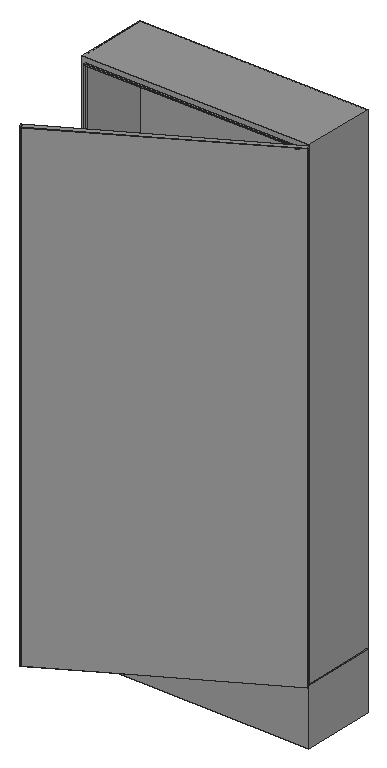
Revit family "Hager-Univers-IP55-D275-H1900-Cl.I-Steel_encl-NoHosted-SE-en", category Equipement électrique, Revit 2020
Family settings
  Configuration du panneau = Deux colonnes, circuits au sein
  Cote de connecteur circulaire = Utiliser le diamètre
  Type d'élément = Tableau de raccordement
  Basée sur le plan de construction = Oui
  Toujours verticalement = Oui
  Couper avec des vides une fois chargée = Non
  Partagée = Non
  Point de calcul de pièce = Non
Parameters (values of type "Floor installation IP55 W800 H1900 D275  - FR13E2")
  Width Control [instance] = if([EF000008 - Width] > Min Width, [EF000008 - Width], Min Width)  # 800 mm
  Commentaires du type = [HG000003 - Range]  # "Univers"
  Thickness Door [instance] = if([EF009171 - Material plate thickness door/cover] > 3 mm, 3 mm, [EF009171 - Material plate thickness door/cover])  # 1.5 mm
  Seal Frame Offset [instance] = 17 mm  # constant formula
  Plinth Visibility [instance] = [HG000027 - Plinth height] > 0 mm  # yes
  Min Width [instance] = 100 mm  # constant formula
  Min Depth [instance] = (2 * [EF009170 - Material plate thickness cabinet]) + 1 mm  # 4 mm
  Min Height [instance] = 100 mm  # constant formula
  Internal Frame Depth [instance] = (Door System Depth * 0.5)  # 9 mm
  Panel Name [instance] = ""  # (empty or 0)
  Model = ""
  HG000027 - Plinth height = 200 mm
  HG000026 - Floor standing = yes
  HG000024 - Bottom section height = 600 mm
  HG000023 - Double section enclosure = no
  HG000016 - Door 3d visibility [instance] = yes
  HG000015 - Clearance visibility [instance] = no
  HG000014 - Door on the right [instance] = yes
  HG000013 - Door on the left [instance] = not([HG000014 - Door on the right])  # no
  HG000012 - Door swing angle [instance] = 30.00°
  HG000010 - Asymmetric doors = no
  HG000009 - Double swing door = no
  HG000006 - Flush mounted = no
  HG000004 - Manufacturer reference = "FR13E2"
  HG000003 - Range = "Univers"
  HG000002 - With door or cover = yes
  Frame Offset Bottom [instance] = 10 mm  # constant formula
  Frame Offset [instance] = 15 mm  # constant formula
  EF015940 - Cover with overpressure release = no
  EF011959 - Degree of protection (NEMA) = ""
  EF009554 - Number of openings for flange plates = 6
  EF009212 - Cover model = "EV000116 - Closed"
  EF009171 - Material plate thickness door/cover = 1.5 mm
  EF009170 - Material plate thickness cabinet = 1.5 mm
  EF008873 - Nominal current (In) = 800 A
  EF007800 - Suitable for lightning protection = no
  EF006306 - With lock = no
  EF006244 - Transparent cover/door = no
  EF005474 - Degree of protection (IP) = "EV006420 - IP55"
  EF004464 - Type of door = "EV002646 - Single"
  EF004427 - Number of modules = 396
  EF004293 - Impact strength = "EV008784 - IK10"
  EF003532 - Suitable for outdoor use = no
  EF002950 - Width in number of modular spacings = 24
  EF001613 - Circuit integrity = "EV000494 - None"
  EF001596 - Material housing = "EV000179 - Steel"
  EF001131 - Internal depth = 275 mm
  EF001088 - Extension possible = yes
  EF000437 - Number of conduit inlets = 6
  EF000339 - Type of cover = "EV004216 - Door"
  EF000266 - Number of rows = 11
  EF000218 - Built-in depth = 0 mm
  EF000118 - With mounting plate = no
  EF000116 - RAL-number = "7035"
  EF000049 - Depth = 275 mm
  EF000040 - Height = 1900 mm
  EF000008 - Width = 800 mm
  EF000007 - Colour = "EV000270 - Grey"
  EF000003 - Mounting method = "EV012274 - Floor installation"
  Door System Leaf Tolerance [instance] = 1.5 mm  # constant formula
  Door System Depth [instance] = 18 mm  # constant formula
  Door Height [instance] = Height Control - [HG000027 - Plinth height]  # 1700 mm
  Description = ""
  Default Elevation = 1219.2 mm
  Connector Offset [instance] = Height Control / 2  # 950 mm
  Fabricant = "Hager"  # constant formula
  Height Control [instance] = if([EF000040 - Height] > Min Height, [EF000040 - Height], Min Height)  # 1900 mm
  Depth Control [instance] = if([EF000049 - Depth] > Min Depth, [EF000049 - Depth], Min Depth)  # 275 mm
  Bottom Top Plate Trim [instance] = 1.5 mm  # constant formula
  Plinth height Ctrl [instance] = if([HG000027 - Plinth height] > 0 mm, [HG000027 - Plinth height], 12 mm)  # 200 mm
Types (5, lengths in mm): name | Width Control | HG000010 - Asymmetric doors | HG000009 - Double swing door | HG000004 - Manufacturer reference | EF009554 - Number of openings for flange plates | EF004464 - Type of door | EF004427 - Number of modules | EF000437 - Number of conduit inlets | EF000008 - Width
  Floor installation IP55 W1050 H1900 D275  - FR14E2 | 1050 | yes | yes | "FR14E2" | 8 | "EV003602 - Double" | 528 | 8 | 1050
  Floor installation IP55 W1300 H1900 D275  - FR15E2 | 1300 | yes | yes | "FR15E2" | 10 | "EV003602 - Double" | 660 | 10 | 1300
  Floor installation IP55 W300 H1900 D275  - FR11E2 | 300 | no | no | "FR11E2" | 2 | "EV002646 - Single" | 132 | 2 | 300
  Floor installation IP55 W550 H1900 D275  - FR12E2 | 550 | no | no | "FR12E2" | 4 | "EV002646 - Single" | 264 | 4 | 550
  Floor installation IP55 W800 H1900 D275  - FR13E2 | 800 | no | no | "FR13E2" | 6 | "EV002646 - Single" | 396 | 6 | 800
Reference planes
  plane 1 "Center (Front/Back)": y = 0
  plane 2: z = 0
  plane 3 "Center (Left/Right)": x = 0
  plane 4: y = 0
  plane 5: y = 0
  plane 6: z = 0
  plane 7: x = -400
  plane 8: x = 400
  plane 9: x = 398.5
  plane 10: x = -398.5
  plane 11: z = 200
  plane 12: z = 201.5
  plane 13: y = -275
  plane 14: y = -1.5
  plane 15: x = 0
  plane 16: y = -257
  plane 17: y = -273.5
  plane 18: y = -255.5
  plane 19: x = -383.5
  plane 20: x = 383.5
  plane 21: z = 211.5
  plane 22: x = -383
  plane 23: x = 383
  plane 24: z = 200
  plane 25: z = 1900
  plane 26: z = 1900
  plane 27: z = 1883.5
  plane 28: z = 1898.5
Forms (mm)
  Extrusion 1, solid, material "Hager_Steel_RAL7035_Light_Grey", detail levels medium+fine
    sketch origin (-208.679, -4572, 200) x (-1, 0, 0) y (0, -1, 0)
      loop
        line (191.321, -4315) -> (-608.679, -4315) -> (-608.679, -4572) -> (191.321, -4572) -> (191.321, -4315)
    from 0 to 1700
  Extrusion 2, void
    sketch origin (-350.771, -275, 1219.2) x (1, 0, 0) y (0, 0, 1)
      loop
        line (-47.729, 679.3) -> (-47.729, -1017.7) -> (749.271, -1017.7) -> (749.271, 679.3) -> (-47.729, 679.3)
    from -19.5 to -273.5
  Extrusion 3, void
    sketch origin (-290.084, -257, 1219.2) x (1, 0, 0) y (0, 0, 1)
      loop
        line (-93.416, -1007.7) -> (673.584, -1007.7) -> (673.584, 664.3) -> (-93.416, 664.3) -> (-93.416, -1007.7)
    from 0 to -1.5
  Extrusion 4, solid, material "Hager_Steel_RAL7035_Light_Grey", visible <- "Plinth Visibility", detail levels medium+fine
    sketch origin (0, 0, 0) x (1, 0, 0) y (0, 1, 0)
      loop
        line (-400, 0) -> (-400, -257) -> (400, -257) -> (400, 0) -> (-400, 0)
    from 0 to 200 <- "Plinth height Ctrl"
  Extrusion 5, solid, material "Hager_Steel_RAL7035_Light_Grey", detail levels coarse
    sketch origin (0, 0, 0) x (1, 0, 0) y (0, 1, 0)
      loop
        line (-400, 0) -> (-400, -275) -> (400, -275) -> (400, 0) -> (-400, 0)
    from 0 to 1900 <- "Height Control"
  Sweep 6, void
    path in 3D
      loop
        line (-400, -257, 200) -> (400, -257, 200) -> (400, 0, 200) -> (-400, 0, 200) -> (-400, -257, 200)
    profile origin (-400, -128.5, 200) x (1, 0, 0) y (0, 0, 1)
      loop
        line (0, 0) -> (0, -1.5) -> (1.5, -1.5)
        arc (1.5, -1.5) -> (1.061, -0.439) -> (0, 0) r 1.5
  Extrusion 7, solid, material "Hager_Steel_RAL7035_Light_Grey", detail levels fine
    sketch origin (-400, -257, 200) x (1, 0, 0) y (0, 0, 1)
      loop
        line (16.5, 11.5) -> (783.5, 11.5) -> (783.5, 1683.5) -> (16.5, 1683.5) -> (16.5, 11.5)
      loop
        line (15, 10) -> (785, 10) -> (785, 1685) -> (15, 1685) -> (15, 10)
    from 0 to 9 <- "Internal Frame Depth"
Cuts and joins
  Extrusion 2, Extrusion 3 cuts Extrusion 1
  Sweep 6 cuts Extrusion 4
Lines and regions (mm)
  Masking region 1
    outline origin (0, 0, 0) x (1, 0, 0) y (0, 1, 0)
      loop
        line (-400, 0) -> (-400, -275) -> (400, -275) -> (400, 0) -> (-400, 0)
  Masking region 2, detail levels coarse
    outline origin (-290.084, -257, 1219.2) x (-1, 0, 0) y (0, 0, 1)
      loop
        line (-690.084, -1219.2) -> (109.916, -1219.2) -> (109.916, 680.8) -> (-690.084, 680.8) -> (-690.084, -1219.2)
  Masking region 3, detail levels coarse
    outline origin (0, 0, 0) x (0, 1, 0) y (0, 0, 1)
      loop
        line (0, 0) -> (0, 1900) -> (-275, 1900) -> (-275, 0) -> (0, 0)
  Masking region 4, visible <- "Plinth Visibility", detail levels medium+fine
    outline origin (0, 0, 0) x (0, 1, 0) y (0, 0, 1)
      loop
        line (-1.5, 200) -> (-255.5, 200)
        arc (-255.5, 200) -> (-255.939, 198.939) -> (-257, 198.5) r 1.5
        line (-257, 198.5) -> (-257, 0) -> (0, 0) -> (0, 198.5)
        arc (0, 198.5) -> (-1.061, 198.939) -> (-1.5, 200) r 1.5
  Masking region 5, detail levels medium+fine
    outline origin (0, 0, 594.038) x (0, 1, 0) y (0, 0, 1)
      loop
        line (0, -394.038) -> (0, 1305.962) -> (-257, 1305.962) -> (-257, -394.038) -> (0, -394.038)
  Masking region 6, detail levels medium+fine
    outline origin (-359.7, -257, 1211.883) x (-1, 0, 0) y (0, 0, 1)
      loop
        line (-759.7, -1011.883) -> (40.3, -1011.883) -> (40.3, 688.117) -> (-759.7, 688.117) -> (-759.7, -1011.883)
  Masking region 7, visible <- "Plinth Visibility", detail levels medium+fine
    outline origin (-320.334, -257, 1041.368) x (-1, 0, 0) y (0, 0, 1)
      loop
        line (-720.334, -1041.368) -> (79.666, -1041.368) -> (79.666, -842.868)
        arc (79.666, -842.868) -> (78.606, -842.429) -> (78.166, -841.368) r 1.5
        line (78.166, -841.368) -> (-718.834, -841.368)
        arc (-718.834, -841.368) -> (-719.273, -842.429) -> (-720.334, -842.868) r 1.5
        line (-720.334, -842.868) -> (-720.334, -1041.368)
  sketch lines
    curve 1: line (-400, 0, 200) -> (-400, -257, 200)
    curve 2: line (-400, -257, 200) -> (400, -257, 200)
    curve 3: line (400, 0, 200) -> (-400, 0, 200)
    curve 4: line (400, -257, 200) -> (400, 0, 200)
Dimensions and locks
  locked: plane 1 "Center (Front/Back)" to plane 5
  "EF009170 - Material plate thickness cabinet": plane 7 to plane 10
  "EF009170 - Material plate thickness cabinet": plane 8 to plane 9
  equal spacing: plane 7, plane 3 "Center (Left/Right)", plane 8
  "Width Control": plane 7 to plane 8
  "Depth Control": plane 4 to plane 13
  "EF009170 - Material plate thickness cabinet": plane 4 to plane 14
  "Height Control": plane 25 to level
  "HG000027 - Plinth height": plane 11 to level
  "EF009170 - Material plate thickness cabinet": plane 12 to plane 11
  "EF009170 - Material plate thickness cabinet": plane 17 to plane 13
  "EF009170 - Material plate thickness cabinet": plane 18 to plane 16
  "Frame Offset Bottom": plane 21 to plane 12
  "Frame Offset": plane 10 to plane 19
  "Frame Offset": plane 9 to plane 20
  "Door System Depth": plane 16 to plane 13
  "Seal Frame Offset": plane 7 to plane 22
  "Seal Frame Offset": plane 8 to plane 23
  "EF009170 - Material plate thickness cabinet": plane 26 to plane 28
  "Frame Offset": plane 28 to plane 27
  "Connector Offset": plane 2 to connector elem
  "Bottom Top Plate Trim": profile plane to Sweep 6 sketch curve
  "Bottom Top Plate Trim": Sweep 6 sketch curve to Sweep 6 sketch curve
  "Plinth height Ctrl": Masking region 4 sketch curve to level
  "Plinth height Ctrl": Masking region 7 sketch curve to level
  "Thickness Door": Extrusion 7 sketch curve to Extrusion 7 sketch curve  (x4)
  "Bottom Top Plate Trim": radius of Sweep 6 sketch curve
  "Bottom Top Plate Trim": radius of Masking region 4 sketch curve  (x2)
  "Bottom Top Plate Trim": radius of Masking region 7 sketch curve  (x2)
  aligned and locked: Extrusion 2 sketch curve to plane 12
  aligned and locked: Extrusion 2 sketch curve to plane 9
  aligned and locked: Extrusion 2 sketch curve to plane 10
  aligned and locked: Extrusion 2 to plane 14
  aligned and locked: Extrusion 1 sketch curve to plane 4
  aligned and locked: plane 8 to Extrusion 1 sketch curve
  aligned and locked: plane 7 to Extrusion 1 sketch curve
  aligned and locked: Extrusion 2 to plane 18
  aligned and locked: Extrusion 3 sketch curve to plane 19
  aligned and locked: plane 20 to Extrusion 3 sketch curve
  aligned and locked: Extrusion 3 to Extrusion 2
  aligned and locked: Extrusion 3 sketch curve to plane 21
  aligned and locked: plane 3 "Center (Left/Right)" to nested 1
  aligned and locked: Extrusion 1 sketch curve to plane 16
  aligned and locked: Extrusion 4 sketch curve to cut or joined group of Extrusion 1, Extrusion 2, Extrusion 3
  aligned and locked: Masking region 1 sketch curve to plane 7
  aligned and locked: Masking region 1 sketch curve to plane 5
  aligned and locked: Masking region 1 sketch curve to plane 8
  aligned and locked: Masking region 2 sketch curve to level
  aligned and locked: level to Masking region 3 sketch curve
  aligned and locked: plane 1 "Center (Front/Back)" to Masking region 3 sketch curve
  aligned and locked: plane 13 to Masking region 3 sketch curve
  aligned and locked: plane 5 to Masking region 4 sketch curve
  aligned and locked: Masking region 2 sketch curve to plane 8
  aligned and locked: Masking region 2 sketch curve to plane 7
  aligned and locked: plane 7 to nested 2
  aligned and locked: nested 2 to plane 5
  aligned and locked: plane 5 to Masking region 5 sketch curve
  aligned and locked: plane 26 to Masking region 5 sketch curve
  aligned and locked: Extrusion 5 sketch curve to plane 8
  aligned and locked: Extrusion 5 sketch curve to plane 7
  aligned and locked: Extrusion 5 sketch curve to plane 5
  aligned and locked: Extrusion 3 sketch curve to plane 27
  aligned and locked: Extrusion 2 sketch curve to plane 28
  aligned and locked: Masking region 2 to plane 25
  aligned and locked: Extrusion 4 to plane 16
  aligned and locked: profile plane to Sweep 6 sketch curve
  aligned and locked: Masking region 5 sketch curve to plane 24
  aligned and locked: level to Masking region 4 sketch curve
  aligned and locked: Masking region 1 to plane 13
  aligned and locked: nested 1 to plane 16
  aligned and locked: Masking region 3 to plane 25
  aligned and locked: plane 16 to Masking region 4 sketch curve
  aligned and locked: Masking region 5 sketch curve to plane 16
  aligned and locked: plane 24 to plane 11
  aligned and locked: plane 26 to plane 25
  aligned and locked: plane 26 to cut or joined group of Extrusion 1, Extrusion 2, Extrusion 3
  aligned and locked: nested 1 to plane 24
  aligned and locked: Extrusion 1 to Extrusion 3
  aligned and locked: Masking region 6 sketch curve to plane 8
  aligned and locked: Masking region 6 sketch curve to plane 24
  aligned and locked: Masking region 6 sketch curve to plane 7
  aligned and locked: Masking region 6 sketch curve to plane 26
  aligned and locked: Masking region 7 sketch curve to plane 7
  aligned and locked: level to Masking region 7 sketch curve
  aligned and locked: Masking region 7 sketch curve to plane 8
  aligned and locked: Extrusion 7 sketch curve to cut or joined group of Extrusion 1, Extrusion 2, Extrusion 3  (x4)
Automatic sketch dimensions
  plane 19 to Extrusion 3 sketch curve = 0 mm
  Extrusion 3 sketch curve to plane 20 = 0 mm
  Extrusion 3 sketch curve to plane 21 = 0 mm
  Extrusion 4 sketch curve to plane 7 = 0 mm
  Extrusion 4 sketch curve to plane 8 = 0 mm
  Extrusion 4 sketch curve to plane 16 = 0 mm
  Masking region 1 sketch curve to plane 13 = 0 mm
  Masking region 2 sketch curve to plane 25 = 0 mm
  Masking region 3 sketch curve to plane 25 = 0 mm
  Extrusion 5 sketch curve to plane 13 = 0 mm
  profile plane to Sweep 6 sketch curve = 0 mm
Nested families
  nested 1: "EC000058_Univers_Door" at (0, -257, 200), Double <- "HG000009 - Double swing door", Transparent <- "EF006244 - Transparent cover/door", Angle <- "HG000012 - Door swing angle", Door_Right <- "HG000014 - Door on the right", Assymetrical <- "HG000010 - Asymmetric doors", Door <- "HG000002 - With door or cover", Width_Ctrl <- "Width Control", 3d_Door <- "HG000016 - Door 3d visibility", Clearance <- "HG000015 - Clearance visibility", Door_Left <- "HG000013 - Door on the left", Width <- "Width Control", Door_Depth <- "Door System Depth", Leaf_Tolerance <- "Door System Leaf Tolerance", Height <- "Door Height", Lock_Visibility <- "EF006306 - With lock", Thickness <- "Thickness Door", type "EC000058_Univers_Door", detail levels medium+fine
    with min_wh 4 mm, Width_Ctrl 800 mm, Width 800 mm, Transparent no, Thickness 1.5 mm, Seal_Material Hager_Rubber, Lock_Visibility no, Lock_Material Hager_Plastic_RAL9005_Jet_Black, Leaf_Width 800 mm, Leaf_Tolerance_External_Sides 0 mm, Leaf_Tolerance 1.5 mm, Leaf_Offset 0 mm, Leaf_Height 1697 mm, Leaf_2_Width 800 mm, Leaf_2_Offset 400 mm, Leaf_1_Width 800 mm, Leaf_1_Offset 400 mm, Height_Ctrl 1700 mm, Height 1700 mm, Glass_Material Hager_Glass, Double_Clearance_Ctrl no, Double no, Door_Right_Ctrl yes, Door_Right yes, Door_Material Hager_Steel_RAL7035_Light_Grey, Door_Left_Ctrl no, Door_Left no, Door_Depth 18 mm, Door yes, Clearance_Material Hager_Clearance, Clearance_Depth 800 mm, Clearance_Ctrl no, Clearance no, Assymetrical no, Angle 30.00°, 3d_Door yes
  nested 2: "Hager_Enclosure_Symbol" at (-400, 0, 0), Height <- "Depth Control", Width <- "Width Control", type "Hager_Enclosure_Symbol"
    with Width_Ctrl 800 mm, Width 800 mm, Height_Ctrl 275 mm, Height 275 mm, A_Width_Int 18.047 mm, A_Width 216.562 mm, A_Height_Ctrl 240.625 mm, A_Height 240.625 mm
Connectors
  electrical at (0, 0, 950)
    settings: on plane 1 "Center (Front/Back)", index 1, voltage 0 V, apparent load 0 VA, apparent load phase1 0 VA, apparent load phase2 0 VA, apparent load phase3 0 VA, power factor 1, load classification "Other", number of poles 1, system type 30, power factor state 1, is connector primary yes, connector utility no, sub classification motor no, connector description ""
Definition of nested family "EC000058_Univers_Door"
  Parameters (values of type "EC000058_Univers_Door")
    min_wh [instance] = (2 * Thickness) + 1 mm  # 11 mm
    Width_Ctrl [instance] = 400 mm
    Width [instance] = 500 mm
    Transparent [instance] = yes
    Thickness [instance] = 5 mm
    Seal_Material [instance] = none
    Lock_Visibility [instance] = yes
    Lock_Material [instance] = none
    Leaf_Width [instance] = if((Width_Ctrl - 2 * Leaf_Tolerance_External_Sides) > 0 mm, (Width_Ctrl - 2 * Leaf_Tolerance_External_Sides), min_wh)  # 400 mm
    Leaf_Tolerance_External_Sides [instance] = 0 mm  # constant formula
    Leaf_Tolerance [instance] = 1.5 mm
    Leaf_Offset [instance] = 0 mm  # constant formula
    Leaf_Height [instance] = if((Height_Ctrl - 2 * Leaf_Tolerance) > 0 mm, (Height_Ctrl - 2 * Leaf_Tolerance), min_wh)  # 497 mm
    Leaf_2_Width [instance] = if(and(and(Double, Assymetrical), Door_Left), (Leaf_Width / 3) - (Leaf_Tolerance / 2), if(and(and(Double, Assymetrical), Door_Right), (Leaf_Width / 3) * 2 - (Leaf_Tolerance / 2), if(and(Double, not(Assymetrical)), (Leaf_Width / 2) - Leaf_Tolerance, Leaf_Width)))  # 400 mm
    Leaf_2_Offset [instance] = if(and(Double, Assymetrical), Leaf_2_Width / 2, if(and(Double, not(Assymetrical)), Leaf_Width / 4, Leaf_Width / 2))  # 200 mm
    Leaf_1_Width [instance] = if(and(and(Double, Assymetrical), Door_Right), (Leaf_Width / 3) - (Leaf_Tolerance / 2), if(and(and(Double, Assymetrical), Door_Left), (Width / 3) * 2 - (Leaf_Tolerance / 2), if(and(Double, not(Assymetrical)), (Leaf_Width / 2) - Leaf_Tolerance, Leaf_Width)))  # 400 mm
    Leaf_1_Offset [instance] = if(and(Double, Assymetrical), Leaf_1_Width / 2, if(and(Double, not(Assymetrical)), Leaf_Width / 4, Leaf_Width / 2))  # 200 mm
    Height_Ctrl [instance] = if(Height > min_wh, Height, min_wh)  # 500 mm
    Height [instance] = 500 mm
    Glass_Material [instance] = none
    Double_Clearance_Ctrl [instance] = and(Double, Clearance)  # no
    Double [instance] = no
    Door_Right_Ctrl [instance] = and(or(Door_Right, Double), Door)  # yes
    Door_Right [instance] = yes
    Door_Material [instance] = none
    Door_Left_Ctrl [instance] = and(or(Door_Left, Double), Door)  # no
    Door_Left [instance] = no
    Door_Depth [instance] = 30 mm
    Door [instance] = yes
    Default Elevation = 1219.2 mm
    Clearance_Material [instance] = none
    Clearance_Depth [instance] = if(Leaf_1_Width > Leaf_2_Width, Leaf_1_Width, Leaf_2_Width)  # 400 mm
    Clearance_Ctrl [instance] = and(not(Double), Clearance)  # yes
    Clearance [instance] = yes
    Assymetrical [instance] = yes
    Angle [instance] = 30.00°
    3d_Door [instance] = yes
  Reference planes
    plane 1 "Center (Front/Back)": y = 0
    plane 2 "Bottom": z = 0
    plane 3 "Center (Left/Right)": x = 0
    plane 4: z = 500
    plane 5: x = -200
    plane 6: x = 200
    plane 7: z = 500
    plane 8: x = -200
    plane 9: z = 0
    plane 10: x = 200
    plane 11: y = 0
    plane 12: z = 1.5
    plane 13: x = -600
    plane 14: y = -400
    plane 15: x = 600
    plane 16: x = 0
    plane 17: x = 0
    plane 18: x = -200
    plane 19: x = 200
    plane 20: z = 498.5
  Forms (mm)
    Extrusion 1, solid, material <- "Clearance_Material", visible <- "Double_Clearance_Ctrl"
      sketch origin (1200, 0, 0) x (1, 0, 0) y (0, 0, -1)
        loop
          line (-1800, -498.5) -> (-600, -498.5) -> (-600, 0) -> (-1800, 0) -> (-1800, -498.5)
      from 0 to -400
  Dimensions and locks
    equal spacing: plane 5, plane 3 "Center (Left/Right)", plane 6
    "Width_Ctrl": plane 5 to plane 6
    "Leaf_Offset": plane 5 to plane 8
    "Leaf_Offset": plane 6 to plane 10
    "Leaf_Offset": plane 9 to level
    "Leaf_Offset": plane 4 to plane 7
    "Height_Ctrl": plane 4 to level
    "Leaf_Tolerance": plane 12 to plane 9
    locked: plane 11 to plane 1 "Center (Front/Back)"
    "Leaf_1_Offset": plane 18 to plane 16
    "Leaf_2_Offset": plane 17 to plane 19
    "Leaf_1_Width": plane 13 to plane 8
    "Leaf_2_Width": plane 10 to plane 15
    "Clearance_Depth": plane 14 to plane 1 "Center (Front/Back)"
    "Leaf_Tolerance_External_Sides": plane 8 to plane 18
    "Leaf_Tolerance_External_Sides": plane 19 to plane 10
    "Leaf_Tolerance": plane 7 to plane 20
    aligned and locked: level to plane 2 "Bottom"
    aligned and locked: nested 1 to plane 16
    aligned and locked: nested 2 to plane 17
    aligned and locked: Extrusion 1 to plane 13
    aligned and locked: plane 15 to Extrusion 1
    aligned and locked: Extrusion 1 to plane 14
    aligned and locked: plane 12 to nested 1
    aligned and locked: nested 2 to plane 12
    aligned and locked: Extrusion 1 to plane 11
    aligned and locked: plane 20 to Extrusion 1
    aligned and locked: nested 2 to plane 11
    aligned and locked: nested 1 to plane 11
  Automatic sketch dimensions
    Extrusion 1 sketch curve to level = 0 mm
    plane 5 to Extrusion 1 sketch curve = 400 mm
    plane 6 to Extrusion 1 sketch curve = 400 mm
    Extrusion 1 sketch curve to plane 4 = 1.5 mm
  Nested families
    nested 1: "EC000058_Univers_Door_Leaf" at (0, 0, 1.5), Width <- "Leaf_1_Width", visible <- "Door_Left_Ctrl", Leaf_Height <- "Leaf_Height", Angle <- "Angle", 3d_Door <- "3d_Door", Transparent <- "Transparent", Clearance Material <- "Clearance_Material", Clearance <- "Clearance_Ctrl", Door_Material <- "Door_Material", Glass_Material <- "Glass_Material", Door_Depth <- "Door_Depth", Lock_Material <- "Lock_Material", Seal_Material <- "Seal_Material", Lock_Visibility <- "Lock_Visibility", Thickness <- "Thickness", type "EC000058_Univers_Door_Leaf"
      with Width 400 mm, Transparent_Glass_Offset 30 mm, Transparent_Ctrl yes, Transparent yes, Thickness 5 mm, Standard no, Seal_Material none, Seal_D2 8 mm, Seal_D1 1 mm, Offset_Internal_Frame 10 mm, Lock_Width 20 mm, Lock_Visibility_3d yes, Lock_Visibility yes, Lock_Thickness_3 3 mm, Lock_Thickness_2 1 mm, Lock_Thickness_1 3 mm, Lock_Radius_Offset_2 16 mm, Lock_Radius_Offset_1 15 mm, Lock_Radius_2 5 mm, Lock_Radius 6 mm, Lock_Offset 5 mm, Lock_Material none, Lock_Height 80 mm, Lock_Cover_Top_Offset_2d 17 mm, Lock_Cover_Height -65 mm, Leaf_Height 497 mm, Internal_Seal_Thickness 8 mm, Internal_Seal_Depth_2 4.5 mm, Internal_Frame_Depth 25 mm, Glass_Thickness -1 mm, Glass_Offset -2 mm, Glass_Material none, Door_Material none, Door_Depth 30 mm, Clearance Material none, Clearance yes, Angle_Ctrl 30.00°, Angle 30.00°, 3d_Door yes
    nested 2: "EC000058_Univers_Door_Leaf" at (0, 0, 1.5) x (-1, 0, 0) z (0, 0, 1), Width <- "Leaf_2_Width", visible <- "Door_Right_Ctrl", Leaf_Height <- "Leaf_Height", Angle <- "Angle", 3d_Door <- "3d_Door", Transparent <- "Transparent", Clearance Material <- "Clearance_Material", Clearance <- "Clearance_Ctrl", Door_Material <- "Door_Material", Glass_Material <- "Glass_Material", Door_Depth <- "Door_Depth", Lock_Material <- "Lock_Material", Seal_Material <- "Seal_Material", Lock_Visibility <- "Lock_Visibility", Thickness <- "Thickness", type "EC000058_Univers_Door_Leaf"
      with Width 400 mm, Transparent_Glass_Offset 30 mm, Transparent_Ctrl yes, Transparent yes, Thickness 5 mm, Standard no, Seal_Material none, Seal_D2 8 mm, Seal_D1 1 mm, Offset_Internal_Frame 10 mm, Lock_Width 20 mm, Lock_Visibility_3d yes, Lock_Visibility yes, Lock_Thickness_3 3 mm, Lock_Thickness_2 1 mm, Lock_Thickness_1 3 mm, Lock_Radius_Offset_2 16 mm, Lock_Radius_Offset_1 15 mm, Lock_Radius_2 5 mm, Lock_Radius 6 mm, Lock_Offset 5 mm, Lock_Material none, Lock_Height 80 mm, Lock_Cover_Top_Offset_2d 17 mm, Lock_Cover_Height -65 mm, Leaf_Height 497 mm, Internal_Seal_Thickness 8 mm, Internal_Seal_Depth_2 4.5 mm, Internal_Frame_Depth 25 mm, Glass_Thickness -1 mm, Glass_Offset -2 mm, Glass_Material none, Door_Material none, Door_Depth 30 mm, Clearance Material none, Clearance yes, Angle_Ctrl 30.00°, Angle 30.00°, 3d_Door yes
  Definition of nested family "EC000058_Univers_Door_Leaf"
    Parameters (values of type "EC000058_Univers_Door_Leaf")
      Width [instance] = 2000 mm
      Transparent_Glass_Offset [instance] = 30 mm
      Transparent_Ctrl [instance] = and(Transparent, [3d_Door])  # yes
      Transparent [instance] = yes
      Thickness [instance] = 5 mm
      Standard [instance] = and(not(Transparent), [3d_Door])  # no
      Seal_Material [instance] = none
      Seal_D2 [instance] = 8 mm  # constant formula
      Seal_D1 [instance] = 1 mm  # constant formula
      Offset_Internal_Frame [instance] = 10 mm  # constant formula
      Lock_Width [instance] = 20 mm  # constant formula
      Lock_Visibility_3d [instance] = and(Lock_Visibility, [3d_Door])  # yes
      Lock_Visibility [instance] = yes
      Lock_Thickness_3 [instance] = 3 mm  # constant formula
      Lock_Thickness_2 [instance] = 1 mm  # constant formula
      Lock_Thickness_1 [instance] = 3 mm  # constant formula
      Lock_Radius_Offset_2 [instance] = Lock_Radius_Offset_1 + 1 mm  # 16 mm
      Lock_Radius_Offset_1 [instance] = 15 mm  # constant formula
      Lock_Radius_2 [instance] = Lock_Radius - 1 mm  # 5 mm
      Lock_Radius [instance] = 6 mm  # constant formula
      Lock_Offset [instance] = 5 mm  # constant formula
      Lock_Material [instance] = none
      Lock_Height [instance] = 80 mm  # constant formula
      Lock_Cover_Top_Offset_2d [instance] = Lock_Radius_Offset_2 + 1 mm  # 17 mm
      Lock_Cover_Height [instance] = -(Lock_Height - Lock_Radius_Offset_1)  # -65 mm
      Leaf_Height [instance] = 2720.336 mm
      Internal_Seal_Thickness [instance] = 8 mm  # constant formula
      Internal_Seal_Depth_2 [instance] = 4.5 mm  # constant formula
      Internal_Frame_Depth [instance] = if(Door_Depth - Thickness > 5 mm, Door_Depth - Thickness, 5 mm)  # 25 mm
      Glass_Thickness [instance] = if(Thickness > 15 mm, Glass_Offset + 10 mm, -1 mm)  # -1 mm
      Glass_Offset [instance] = if(Thickness > 15 mm, -(Thickness + 10 mm) / 2, -2 mm)  # -2 mm
      Glass_Material [instance] = none
      Door_Material [instance] = none
      Door_Depth [instance] = 30 mm
      Default Elevation = 0 mm
      Clearance Material [instance] = none
      Clearance [instance] = yes
      Angle_Ctrl [instance] = if(Angle > 180.00°, 180.00°, Angle)  # 90.00°
      Angle [instance] = 90.00°
      3d_Door [instance] = yes
    Reference planes
      plane 1 "Center (Front/Back)": y = 0
      plane 2: z = 0
      plane 3 "Center (Left/Right)": x = 0
      plane 4: y = 2000
      plane 5: x = -1000
      plane 6: x = 1000
      plane 7: x = -3000
      plane 8: z = 2720.336
      plane 9: z = 30
      plane 10: z = 2690.336
      plane 11: x = 970
      plane 12: x = -970
      plane 13: y = -3
      plane 14: z = 107.833
      plane 15: y = -5
      plane 16: y = -223.314
      plane 17: x = -1000
      plane 18: z = 1360.168
      plane 19: y = 30
    Forms (mm)
      Extrusion 1, solid, material <- "Clearance Material", visible <- "Clearance"
        sketch origin (0, 0, 0) x (1, 0, 0) y (0, 0, 1)
          loop
            line (-3000, 2720.336) -> (-3000, 0) -> (1000, 0) -> (1000, 2720.336) -> (-3000, 2720.336)
        from 0 to -2000
      Extrusion 2, solid, material <- "Door_Material", visible <- "Standard", detail levels medium+fine
        sketch origin (-1000, 0, 0) x (0, 1, 0) y (-1, 0, 0)
          loop
            line (0, 30) -> (0, 25) -> (2000, 25) -> (2000, 30) -> (0, 30)
        from 0 to 2720.336 <- "Leaf_Height"
      Extrusion 3, solid, material <- "Door_Material", visible <- "Transparent_Ctrl", detail levels medium+fine
        sketch origin (-1000, 0, 0) x (0, 1, 0) y (-1, 0, 0)
          loop
            line (0, 25) -> (2000, 25) -> (2000, 30) -> (0, 30) -> (0, 25)
        from 0 to 2720.336 <- "Leaf_Height"
      Extrusion 4, void
        sketch origin (-1025, 2000, 0) x (0, 1, 0) y (0, 0, -1)
          loop
            line (-30, -2690.336) -> (-30, -30) -> (-1970, -30) -> (-1970, -2690.336) -> (-30, -2690.336)
        from 0 to 5 <- "Thickness"
      Sweep 5, solid, material <- "Seal_Material", visible <- "Transparent_Ctrl", detail levels fine
        path in 3D
          loop
            line (-1025, 30, 30) -> (-1025, 30, 2690.336) -> (-1025, 1970, 2690.336) -> (-1025, 1970, 30) -> (-1025, 30, 30)
        profile origin (-1025, 1000, 30) x (1, 0, 0) y (0, 0, 1)
          loop
            line (0, 0) -> (0, -8) -> (1, -8) -> (1, 0) -> (0, 0)
      Extrusion 6, solid, material <- "Glass_Material", visible <- "Transparent_Ctrl", detail levels medium+fine
        sketch origin (-1030, 0, 0) x (0, 1, 0) y (0, 0, -1)
          loop
            line (1970, -2690.336) -> (1970, -30) -> (30, -30) -> (30, -2690.336) -> (1970, -2690.336)
        from -2 <- "Glass_Offset" to -1 <- "Glass_Thickness"
      Extrusion 7, solid, material <- "Door_Material", visible <- "3d_Door", detail levels medium+fine
        sketch origin (-1025, 2000, 0) x (0, -1, 0) y (0, 0, -1)
          loop
            line (0, -2720.336) -> (2000, -2720.336) -> (2000, 0) -> (0, 0) -> (0, -2720.336)
          loop
            line (1995, -5) -> (5, -5) -> (5, -2715.336) -> (1995, -2715.336) -> (1995, -5)
        from 0 to 25 <- "Internal_Frame_Depth"
      Sweep 8, solid, material <- "Seal_Material", visible <- "Transparent_Ctrl", detail levels fine
        path in 3D
          loop
            line (-1025, 0, 0) -> (-1025, 2000, 0) -> (-1025, 2000, 2720.336) -> (-1025, 0, 2720.336) -> (-1025, 0, 0)
        profile origin (-1025, 0, 1360.168) x (1, 0, 0) y (0, 1, 0)
          loop
            line (0, 10) -> (2.975, 10)
            arc (2.975, 10) -> (4.053, 10.447) -> (4.5, 11.525) r 1.525
            line (4.5, 11.525) -> (4.5, 16.527)
            arc (4.5, 16.527) -> (4.069, 17.569) -> (3.027, 18) r 1.473
            line (3.027, 18) -> (0, 18) -> (0, 10)
      Extrusion 9, solid, material <- "Lock_Material", visible <- "Lock_Visibility_3d", detail levels fine
        sketch origin (-1030, 0, 0) x (0, 1, 0) y (0, 0, -1)
          loop
            arc (1993.5, -1400.168) -> (1994.561, -1399.729) -> (1995, -1398.668) r 1.5
            line (1995, -1398.668) -> (1995, -1320.168) -> (1975, -1320.168) -> (1975, -1398.668)
            arc (1975, -1398.668) -> (1975.439, -1399.729) -> (1976.5, -1400.168) r 1.5
            line (1976.5, -1400.168) -> (1993.5, -1400.168)
        from 3 <- "Lock_Thickness_1" to 0
      Blend 10, solid, material <- "Lock_Material", visible <- "Lock_Visibility_3d", detail levels fine
        base sketch origin (-1033, 0, 0) x (0, 1, 0) y (0, 0, -1)
          loop
            line (1975, -1320.168) -> (1975, -1398.668)
            arc (1975, -1398.668) -> (1975.439, -1399.729) -> (1976.5, -1400.168) r 1.5
            line (1976.5, -1400.168) -> (1993.5, -1400.168)
            arc (1993.5, -1400.168) -> (1994.561, -1399.729) -> (1995, -1398.668) r 1.5
            line (1995, -1398.668) -> (1995, -1320.168) -> (1975, -1320.168)
        top sketch origin (-1033, 0, 0) x (0, 1, 0) y (0, 0, -1)
          loop
            line (1976, -1320.168) -> (1976, -1398.668)
            arc (1976, -1398.668) -> (1976.146, -1399.022) -> (1976.5, -1399.168) r 0.5
            line (1976.5, -1399.168) -> (1993.5, -1399.168)
            arc (1993.5, -1399.168) -> (1993.854, -1399.022) -> (1994, -1398.668) r 0.5
            line (1994, -1398.668) -> (1994, -1320.168) -> (1976, -1320.168)
        from 0 to 1 <- "Lock_Thickness_2"
      Blend 11, solid, material <- "Lock_Material", visible <- "Lock_Visibility_3d", detail levels fine
        base sketch origin (-1034, 0, 0) x (0, 1, 0) y (0, 0, -1)
          loop
            line (1978, -1320.168) -> (1978, -1384.168)
            arc (1978, -1384.168) -> (1985, -1391.168) -> (1992, -1384.168) r 7
            line (1992, -1384.168) -> (1992, -1320.168) -> (1978, -1320.168)
        top sketch origin (-1034, 0, 0) x (0, 1, 0) y (0, 0, -1)
          loop
            line (1991, -1320.168) -> (1979, -1320.168) -> (1979, -1383.168)
            arc (1979, -1383.168) -> (1985, -1389.168) -> (1991, -1383.168) r 6
            line (1991, -1383.168) -> (1991, -1320.168)
        from 0 to 3 <- "Lock_Thickness_3"
      Extrusion 12, solid, material <- "Lock_Material", visible <- "Lock_Visibility_3d", detail levels fine
        sketch origin (-1030, 1975, 1320.168) x (1, 0, 0) y (0, -1, 0)
          loop
            line (-7, -19) -> (-7, -1) -> (0, -1) -> (0, 0) -> (-8, 0) -> (-8, -20) -> (0, -20) -> (0, -19) -> (-7, -19)
        from 0 to -65 <- "Lock_Cover_Height"
      Extrusion 13, void
        sketch origin (-1038, 1995, 1320.168) x (-1, 0, 0) y (0, 0, -1)
          loop
            line (-5, -65) -> (0, -65) -> (-5, -60) -> (-5, -65)
        from 0 to 20 <- "Lock_Width"
      Extrusion 14, void
        sketch origin (-1038, 1975, 1320.168) x (0, -1, 0) y (0, 0, -1)
          loop
            circle (-10, -15.995) r 6
          loop
            circle (-10, -15.995) r 5
        from 0 to 2
      Extrusion 15, solid, material <- "Lock_Material", visible <- "Lock_Visibility_3d", detail levels medium
        sketch origin (-1030, 0, 0) x (0, 1, 0) y (0, 0, -1)
          loop
            arc (1993.5, -1400.168) -> (1994.561, -1399.729) -> (1995, -1398.668) r 1.5
            line (1995, -1398.668) -> (1995, -1320.168) -> (1975, -1320.168) -> (1975, -1398.668)
            arc (1975, -1398.668) -> (1975.439, -1399.729) -> (1976.5, -1400.168) r 1.5
            line (1976.5, -1400.168) -> (1993.5, -1400.168)
        from 8 to 0
    Cuts and joins
      Extrusion 4 cuts Extrusion 3
      Extrusion 13, Extrusion 14 cuts Extrusion 9
      Extrusion 14 cuts Blend 11
      Extrusion 13, Extrusion 14 cuts Extrusion 12
      joined: Extrusion 9, Blend 10, Blend 11, Extrusion 12
      Extrusion 14 cuts Extrusion 15
    Lines and regions (mm)
      Masking region 1, visible <- "Lock_Visibility", detail levels fine
        outline origin (0, 0, 0) x (0, 1, 0) y (0, 0, 1)
          loop
            line (30, 1320.168) -> (33, 1320.168) -> (33, 1400.168) -> (30, 1400.168) -> (30, 1320.168)
      Masking region 2, visible <- "Lock_Visibility", detail levels fine
        outline origin (0, 3.143, 0) x (0, 1, 0) y (0, 0, 1)
          loop
            line (29.857, 1354.168) -> (30.857, 1354.168) -> (30.857, 1366.168) -> (29.857, 1366.168) -> (29.857, 1354.168)
      Masking region 3, detail levels medium+fine
        outline origin (0, 0, 0) x (0, 1, 0) y (0, 0, 1)
          loop
            line (0, 0) -> (30, 0) -> (30, 2720.336) -> (0, 2720.336) -> (0, 0)
      Masking region 4, detail levels medium+fine
        outline origin (0, 0, 0) x (1, 0, 0) y (0, 0, 1)
          loop
            line (-1000, 2720.336) -> (-1000, 0) -> (1000, 0) -> (1000, 2720.336) -> (-1000, 2720.336)
      Masking region 5, visible <- "Lock_Visibility", detail levels fine
        outline origin (-47.116, 0, 0) x (1, 0, 0) y (0, 0, 1)
          loop
            arc (1024.616, 1399.168) -> (1023.556, 1398.729) -> (1023.116, 1397.668) r 1.5
            line (1023.116, 1397.668) -> (1023.116, 1320.168) -> (1041.116, 1320.168) -> (1041.116, 1397.668)
            arc (1041.116, 1397.668) -> (1040.677, 1398.729) -> (1039.616, 1399.168) r 1.5
            line (1039.616, 1399.168) -> (1024.616, 1399.168)
      Masking region 6, visible <- "Lock_Visibility", detail levels medium+fine
        outline origin (-25, 0, 0) x (1, 0, 0) y (0, 0, 1)
          loop
            arc (1001.5, 1400.168) -> (1000.439, 1399.729) -> (1000, 1398.668) r 1.5
            line (1000, 1398.668) -> (1000, 1320.168) -> (1020, 1320.168) -> (1020, 1398.668)
            arc (1020, 1398.668) -> (1019.561, 1399.729) -> (1018.5, 1400.168) r 1.5
            line (1018.5, 1400.168) -> (1001.5, 1400.168)
      Masking region 7, visible <- "Lock_Visibility", detail levels fine
        outline origin (-73.735, 0, 0) x (1, 0, 0) y (0, 0, 1)
          loop
            line (1051.735, 1382.168) -> (1065.735, 1382.168) -> (1065.735, 1384.168)
            arc (1065.735, 1384.168) -> (1058.735, 1391.168) -> (1051.735, 1384.168) r 7
            line (1051.735, 1384.168) -> (1051.735, 1382.168)
      Masking region 8, visible <- "Lock_Visibility", detail levels fine
        outline origin (-73.735, 0, 0) x (1, 0, 0) y (0, 0, 1)
          loop
            line (1052.735, 1382.168) -> (1064.735, 1382.168) -> (1064.735, 1383.168)
            arc (1064.735, 1383.168) -> (1058.735, 1389.168) -> (1052.735, 1383.168) r 6
            line (1052.735, 1383.168) -> (1052.735, 1382.168)
      Masking region 9, visible <- "Lock_Visibility", detail levels fine
        outline origin (-25, 0, 0) x (1, 0, 0) y (0, 0, 1)
          loop
            line (1020, 1320.168) -> (1020, 1382.168) -> (1000, 1382.168) -> (1000, 1320.168) -> (1020, 1320.168)
      Masking region 10, detail levels medium+fine
        outline origin (0, 0, 0) x (1, 0, 0) y (0, 0, 1)
          loop
            circle (985, 1335.144) r 6
      Masking region 11, detail levels fine
        outline origin (0, 0, 0) x (1, 0, 0) y (0, 0, 1)
          loop
            circle (985, 1335.144) r 5
      Masking region 12, visible <- "Lock_Visibility", detail levels fine
        outline origin (0, 12.767, 0) x (0, 1, 0) y (0, 0, 1)
          loop
            line (20.233, 1320.168) -> (21.233, 1320.168) -> (21.233, 1399.168) -> (20.233, 1400.168) -> (20.233, 1320.168)
      Masking region 13, visible <- "Lock_Visibility", detail levels fine
        outline origin (0, 13.767, -10) x (0, 1, 0) y (0, 0, 1)
          loop
            line (20.233, 1330.168) -> (23.233, 1330.168) -> (23.233, 1399.168) -> (20.233, 1402.168) -> (20.233, 1330.168)
      Masking region 14, visible <- "Lock_Visibility", detail levels fine
        outline origin (0, 12.767, -10) x (0, 1, 0) y (0, 0, 1)
          loop
            line (20.233, 1330.168) -> (25.233, 1330.168) -> (25.233, 1399.305) -> (20.233, 1394.305) -> (20.233, 1330.168)
      Masking region 15, visible <- "Lock_Visibility", detail levels medium
        outline origin (0, 0, 0) x (0, 1, 0) y (0, 0, 1)
          loop
            line (30, 1320.168) -> (38, 1320.168) -> (38, 1400.168) -> (30, 1400.168) -> (30, 1320.168)
      Masking region 16, visible <- "Lock_Visibility", detail levels fine
        outline origin (-1000, 0, 0) x (0, 1, 0) y (-1, 0, 0)
          loop
            line (1975, 30) -> (1995, 30) -> (1995, 38) -> (1975, 38) -> (1975, 30)
          loop
            line (1979, 37) -> (1976, 37) -> (1976, 34) -> (1978, 34) -> (1979, 37)
          loop
            line (1994, 37) -> (1991, 37) -> (1992, 34) -> (1994, 34) -> (1994, 37)
      Masking region 17, visible <- "Lock_Visibility", detail levels medium
        outline origin (-1000, 0, 0) x (0, 1, 0) y (-1, 0, 0)
          loop
            line (1975, 30) -> (1995, 30) -> (1995, 38) -> (1975, 38) -> (1975, 30)
      symbolic lines
        curve 1: line (1000, 0, 0) -> (-3000, 0, 0)
        curve 2: arc (1000, 0, 0) -> (-1000, 2000, 0) -> (-3000, 0, 0) r 2000
        curve 4: line (-1030, 0, 0) -> (-1030, 2000, 0)
      reference lines
        curve 3: line (-1000, 0, 0) -> (-1000, 2000, 0)
      symbolic lines, detail levels medium+fine
        curve 5: line (-1030, 2000, 0) -> (-1025, 2000, 0)
        curve 7: line (-1025, 0, 0) -> (-1030, 0, 0)
        curve 8: line (-1025, 0, 0) -> (-1000, 0, 0)
        curve 9: line (-1000, 0, 0) -> (-1000, 2000, 0)
        curve 10: line (-1000, 2000, 0) -> (-1025, 2000, 0)
      symbolic lines, detail levels fine
        curve 6: line (-1025, 2000, 0) -> (-1025, 0, 0)
      sketch lines
        curve 11: line (-1025, 0, 2720.336) -> (-1025, 0, 0)
        curve 12: line (-1025, 2000, 0) -> (-1025, 0, 0)
        curve 13: line (-1025, 2000, 2720.336) -> (-1025, 2000, 0)
        curve 14: line (-1025, 0, 2720.336) -> (-1025, 2000, 2720.336)
        curve 15: line (-1025, 1970, 30) -> (-1025, 30, 30)
        curve 16: line (-1025, 30, 30) -> (-1025, 30, 2690.336)
        curve 17: line (-1025, 1970, 2690.336) -> (-1025, 1970, 30)
        curve 18: line (-1025, 30, 2690.336) -> (-1025, 1970, 2690.336)
      symbolic lines, visible <- "Transparent", detail levels medium+fine
        curve 19: line (-970, 0, 2690.336) -> (970, 0, 2690.336)
        curve 20: line (-970, 0, 30) -> (-970, 0, 2690.336)
        curve 21: line (970, 0, 30) -> (-970, 0, 30)
        curve 22: line (970, 0, 2690.336) -> (970, 0, 30)
    Dimensions and locks
      "Width": plane 1 "Center (Front/Back)" to plane 4
      equal spacing: plane 5, plane 3 "Center (Left/Right)", plane 6
      "Width": plane 5 to plane 6
      "Width": plane 7 to plane 5
      "Leaf_Height": plane 8 to level
      "Width": curve 5 to curve 3
      "Width": curve 3 to curve 3
      plane 8 to plane 10 = 30 mm
      plane 9 to level = 30 mm
      plane 12 to plane 5 = 30 mm
      plane 6 to plane 11 = 30 mm
      Extrusion 1 to Extrusion 4 sketch curve = 30 mm
      "Transparent_Glass_Offset": curve 3 to Extrusion 4 sketch curve
      "Transparent_Glass_Offset": Extrusion 4 sketch curve to cut or joined group of Extrusion 3, Extrusion 4  (x2)
      cut or joined group of Extrusion 3, Extrusion 4 to Extrusion 6 sketch curve = 30 mm
      "Transparent_Glass_Offset": cut or joined group of Extrusion 3, Extrusion 4 to Extrusion 4 sketch curve
      "Thickness": curve 6 to curve 4
      "Thickness": Extrusion 7 sketch curve to Extrusion 7 sketch curve  (x4)
      "Door_Depth": curve 4 to curve 3
      "Offset_Internal_Frame": profile plane to Sweep 8 sketch curve
      "Internal_Seal_Thickness": Sweep 8 sketch curve to Sweep 8 sketch curve
      "Internal_Seal_Depth_2": profile plane to Sweep 8 sketch curve
      "Seal_D1": profile plane to Sweep 5 sketch curve
      "Seal_D2": profile plane to Sweep 5 sketch curve
      "Thickness": Extrusion 2 sketch curve to Extrusion 2 sketch curve
      equal spacing: Extrusion 9 sketch curve, plane 18, Extrusion 9 sketch curve  (x2)
      equal spacing: Masking region 1 sketch curve, plane 18, Masking region 1 sketch curve
      "Lock_Height": Masking region 1 sketch curve to Masking region 1 sketch curve
      "Lock_Radius": Masking region 2 sketch curve to plane 18 to Masking region 2 sketch curve
      Masking region 2 sketch curve to Masking region 1 = 1 mm
      "Door_Depth": plane 19 to plane 1 "Center (Front/Back)"
      "Lock_Thickness_1": Masking region 1 sketch curve to plane 19
      "Lock_Width": Extrusion 9 sketch curve to Extrusion 9 sketch curve
      "Lock_Height": Extrusion 9 sketch curve to Extrusion 9 sketch curve
      "Lock_Offset": cut or joined group of Extrusion 3, Extrusion 4 to Extrusion 9 sketch curve
      equal spacing: plane 8, plane 18, level
      "Lock_Radius_Offset_1": Blend 11 sketch curve to Blend 10
      locked: Blend 10 to Blend 11 sketch curve at 2  (x2)
      locked: var sketch to Blend 11 sketch curve at 1  (x2)
      "Lock_Radius_Offset_2": Blend 11 sketch curve to Blend 10
      locked: Extrusion 12 sketch curve to Extrusion 12 sketch curve at 1  (x3)
      Masking region 6 sketch curve to Masking region 6 sketch curve = 80 mm
      "Lock_Height": Masking region 6 sketch curve to Masking region 6 sketch curve
      "Lock_Width": Masking region 6 sketch curve to Masking region 6 sketch curve
      locked: Masking region 6 to Masking region 5 sketch curve at 1  (x3)
      locked: Masking region 5 to Masking region 7 sketch curve at 2  (x2)
      "Lock_Radius_Offset_1": Masking region 5 to Masking region 7 sketch curve
      "Lock_Radius_Offset_2": Masking region 5 to Masking region 8 sketch curve
      locked: Masking region 7 to Masking region 8 sketch curve at 1  (x2)
      "Lock_Cover_Top_Offset_2d": Masking region 5 to Masking region 9 sketch curve
      equal spacing: Masking region 9, Masking region 10 sketch curve, Masking region 9
      equal spacing: Masking region 9, Masking region 11 sketch curve, Masking region 9
      Extrusion 15 sketch curve to Extrusion 15 sketch curve = 80 mm
      "Lock_Width": Extrusion 15 sketch curve to Extrusion 15 sketch curve
      "Lock_Height": Extrusion 15 sketch curve to Extrusion 15 sketch curve
      equal spacing: Extrusion 15 sketch curve, plane 18, Extrusion 15 sketch curve
      "Lock_Thickness_3": Masking region 13 sketch curve to Masking region 13 sketch curve
      "Lock_Height": Masking region 12 sketch curve to Masking region 12 sketch curve
      locked: Masking region 13 sketch curve to Masking region 1 at 8
      locked: Masking region 14 sketch curve to Masking region 13 at 1
      locked: Masking region 14 sketch curve to Masking region 1 at 10.863
      "Lock_Height": Masking region 15 sketch curve to Masking region 15 sketch curve
      "Lock_Offset": Extrusion 15 sketch curve to cut or joined group of Extrusion 3, Extrusion 4
      "Lock_Offset": plane 6 to Masking region 6 sketch curve
      radius of Sweep 8 sketch curve = 1.525 mm
      radius of Sweep 8 sketch curve = 1.473 mm
      radius of Extrusion 9 sketch curve = 1.5 mm  (x2)
      "Lock_Radius": radius of Extrusion 14 sketch curve
      "Lock_Radius_2": radius of Extrusion 14 sketch curve
      "Lock_Radius": radius of Masking region 10 sketch curve
      "Lock_Radius_2": radius of Masking region 11 sketch curve
      radius of Extrusion 15 sketch curve = 1.5 mm  (x2)
      "Angle_Ctrl": angle plane 1 "Center (Front/Back)" to curve 3
      locked: Masking region 12 sketch curve to Masking region 12 sketch curve (angle 45.00°)
      locked: Masking region 13 sketch curve to Masking region 13 sketch curve (angle 45.00°)
      locked: Masking region 14 sketch curve to Masking region 14 sketch curve (angle 45.00°)
      aligned and locked: level to plane 2
      aligned and locked: Extrusion 1 to curve 1
      aligned and locked: plane 6 to Extrusion 1
      aligned and locked: Extrusion 1 to plane 1 "Center (Front/Back)"
      aligned and locked: plane 4 to Extrusion 1
      aligned and locked: plane 8 to Extrusion 1
      aligned and locked: curve 7 to Extrusion 2 sketch curve
      aligned and locked: curve 5 to Extrusion 2 sketch curve
      aligned and locked: curve 7 to Extrusion 3 sketch curve
      aligned and locked: Extrusion 3 sketch curve to curve 4
      aligned and locked: Extrusion 3 sketch curve to curve 6
      aligned and locked: Extrusion 3 sketch curve to curve 5
      aligned and locked: curve 9 to curve 3
      aligned and locked: Extrusion 7 sketch curve to cut or joined group of Extrusion 3, Extrusion 4  (x4)
      aligned and locked: plane 17 to curve 3
      aligned and locked: plane 1 "Center (Front/Back)" to curve 3
      aligned and locked: plane 17 to plane 5
      aligned and locked: Sweep 8 sketch curve to profile plane
      aligned and locked: Sweep 5 sketch curve to profile plane  (x2)
      aligned and locked: Masking region 1 to Masking region 2 sketch curve
      aligned and locked: plane 19 to Masking region 1 sketch curve
      aligned and locked: plane 1 "Center (Front/Back)" to Masking region 3 sketch curve
      aligned and locked: plane 19 to Masking region 3 sketch curve
      aligned and locked: level to Masking region 3 sketch curve
      aligned and locked: Masking region 3 sketch curve to plane 8
      aligned and locked: plane 17 to Masking region 4 sketch curve
      aligned and locked: level to Masking region 4 sketch curve
      aligned and locked: Masking region 4 sketch curve to plane 8
      aligned and locked: plane 12 to curve 20
      aligned and locked: plane 10 to curve 19
      aligned and locked: plane 11 to curve 22
      aligned and locked: curve 21 to plane 9
      aligned and locked: Extrusion 2 sketch curve to cut or joined group of Extrusion 3, Extrusion 4
      aligned and locked: Blend 10 sketch curve to Extrusion 9  (x4)
      aligned and locked: Extrusion 9 to Blend 10 sketch curve
      aligned and locked: Blend 10 to Blend 11 sketch curve
      aligned and locked: Extrusion 12 sketch curve to Blend 11
      aligned and locked: Extrusion 12 sketch curve to Extrusion 9  (x4)
      aligned and locked: Masking region 5 sketch curve to Masking region 6
      aligned and locked: Masking region 9 sketch curve to Masking region 6  (x3)
      aligned and locked: Masking region 12 sketch curve to Masking region 1
      aligned and locked: Masking region 13 sketch curve to Masking region 1
      aligned and locked: Masking region 12 to Masking region 14
      aligned and locked: Masking region 14 sketch curve to Masking region 1
      aligned and locked: Masking region 15 sketch curve to Masking region 14
      aligned and locked: Masking region 13 sketch curve to Masking region 12
      aligned and locked: Masking region 16 sketch curve to cut or joined group of Extrusion 14, Extrusion 15  (x4)
      aligned and locked: Masking region 16 sketch curve to cut or joined group of Extrusion 9, Blend 10, Blend 11, Extrusion 12, Extrusion 13, Extrusion 14  (x6)
      aligned and locked: cut or joined group of Extrusion 9, Blend 10, Blend 11, Extrusion 12, Extrusion 13, Extrusion 14 to Masking region 16 sketch curve
      aligned and locked: Masking region 17 sketch curve to cut or joined group of Extrusion 14, Extrusion 15  (x3)
      aligned and locked: Masking region 17 sketch curve to cut or joined group of Extrusion 9, Blend 10, Blend 11, Extrusion 12, Extrusion 13, Extrusion 14
      aligned and locked: Masking region 9 to Masking region 8 sketch curve
      aligned and locked: Masking region 9 to Masking region 7 sketch curve
    Automatic sketch dimensions
      plane 1 "Center (Front/Back)" to curve 2 = 0 mm
      curve 2 to plane 5 = 0 mm
      Extrusion 1 sketch curve to level = 0 mm
      Extrusion 1 sketch curve to plane 7 = 0 mm
      Extrusion 1 sketch curve to plane 6 = 0 mm
      Extrusion 1 sketch curve to plane 8 = 0 mm
      Extrusion 3 to Extrusion 6 sketch curve = 30 mm  (x4)
      Masking region 4 sketch curve to plane 6 = 0 mm
      Blend 10 sketch curve to Extrusion 9 = 1.5 mm
      Blend 10 sketch curve to Extrusion 9 = 1 mm
      Extrusion 13 sketch curve to Extrusion 12 = 0 mm  (x2)
      Extrusion 12 to Extrusion 13 sketch curve = 3 mm
      Extrusion 13 sketch curve to Extrusion 12 = 5 mm
      Extrusion 14 sketch curve to Extrusion 14 sketch curve = 0 mm  (x2)
      Extrusion 14 sketch curve to Extrusion 12 = 10 mm
      Extrusion 14 sketch curve to Extrusion 12 = 15.995 mm
      Masking region 5 sketch curve to Masking region 5 sketch curve = 1.5 mm  (x2)
      Masking region 10 sketch curve to plane 18 = 25.024 mm
      Masking region 11 sketch curve to plane 18 = 25.024 mm
      plane 19 to Masking region 14 sketch curve = 3 mm
      Masking region 16 sketch curve to Masking region 16 sketch curve = 3 mm
      curve 4 to curve 3 = 0 mm
      Blend 10 to Blend 11 sketch curve = 0 mm
      Masking region 6 sketch curve to Masking region 6 sketch curve = 1.5 mm  (x2)
      Masking region 6 sketch curve to plane 18 = 40 mm
      plane 19 to Masking region 12 sketch curve = 3 mm
      Masking region 12 sketch curve to Masking region 12 sketch curve = 1 mm
      Masking region 15 sketch curve to plane 19 = 0 mm
      Masking region 15 sketch curve to plane 18 = 40 mm
      radius of Blend 10 sketch curve to Extrusion 9 = 1 mm
Definition of nested family "Hager_Enclosure_Symbol"
  Parameters (values of type "Hager_Enclosure_Symbol")
    Width_Ctrl [instance] = if(Width > 1 mm, Width, 1 mm)  # 102.27 mm
    Width [instance] = 102.27 mm
    Height_Ctrl [instance] = if(Height > 1 mm, Height, 1 mm)  # 66.5 mm
    A_Width_Int [instance] = if(A_Width / 12 > 2 mm, A_Width / 12, 2 mm)  # 4.364 mm
    A_Width [instance] = if(A_Height_Ctrl * 0.9 > 2 mm, A_Height_Ctrl * 0.9, 2 mm)  # 52.369 mm
    A_Height_Ctrl [instance] = if(A_Height > 2 mm, A_Height, 2 mm)  # 58.188 mm
    Height [instance] = 66.5 mm
    A_Height [instance] = Height - (Height / 8)  # 58.188 mm
  Reference planes
    plane 1 "Centre (avant/arrière)": y = 0
    plane 2: z = 0
    plane 3 "Centre (gauche/droite)": x = 0
    plane 4: x = 52.369
    plane 5: y = 33.042
    plane 6: y = 41.77
    plane 7: y = 66.5
    plane 8: x = 26.184
    plane 9: y = 37.406
    plane 10: x = 102.27
    plane 11: y = 66.5
    plane 12: y = 8.313
  Lines and regions (mm)
    Filled region 1, type "Solid_Black", in view "Niveau de réf."
      outline origin (0, 0, 0) x (1, 0, 0) y (0, 1, 0)
        loop
          line (52.369, 66.5) -> (33.188, 54.536) -> (45.365, 45.006) -> (52.369, 66.5)
    Filled region 2, type "Solid_Black", in view "Niveau de réf."
      outline origin (0, 0, 0) x (1, 0, 0) y (0, 1, 0)
        loop
          line (0, 0) -> (102.27, 0) -> (102.27, 66.5) -> (0, 0)
    detail lines, in view "Niveau de réf."
      curve 1: line (0, 8.313, 0) -> (26.184, 41.77, 0)
      curve 2: line (26.184, 41.77, 0) -> (26.184, 33.042, 0)
      curve 3: line (26.184, 33.042, 0) -> (52.369, 66.5, 0)
  Dimensions and locks
    "A_Width": plane 3 "Centre (gauche/droite)" to plane 4
    equal spacing: plane 3 "Centre (gauche/droite)", plane 8, plane 4
    equal spacing: plane 6, plane 9, plane 5
    equal spacing: curve 3, Filled region 1 sketch curve, Filled region 1 sketch curve
    "Height_Ctrl": plane 1 "Centre (avant/arrière)" to plane 11
    "A_Height_Ctrl": plane 11 to plane 12
    equal spacing: plane 11, plane 9, plane 12
    "A_Width_Int": plane 6 to plane 9
    "Width_Ctrl": plane 3 "Centre (gauche/droite)" to plane 10
    angle Filled region 1 sketch curve to curve 3 = 20.00°
    angle curve 3 to Filled region 1 sketch curve = 20.00°
    locked: curve 3 to Filled region 1 sketch curve (angle 90.00°)
    aligned and locked: plane 10 to Filled region 2
    aligned and locked: plane 11 to Filled region 2 sketch curve
    aligned and locked: plane 10 to Filled region 2 sketch curve
    aligned and locked: plane 3 "Centre (gauche/droite)" to curve 1
    aligned and locked: plane 12 to curve 1
    aligned and locked: plane 7 to plane 11
  Automatic sketch dimensions
    Filled region 1 sketch curve to plane 4 = 0 mm
    Filled region 1 sketch curve to plane 7 = 0 mm
    plane 1 "Centre (avant/arrière)" to Filled region 2 sketch curve = 0 mm
    Filled region 2 sketch curve to plane 3 "Centre (gauche/droite)" = 0 mm
    curve 2 to plane 6 = 0 mm
    curve 2 to plane 8 = 0 mm
    curve 3 to plane 4 = 0 mm
    curve 2 to plane 5 = 0 mm
    curve 3 to plane 7 = 0 mm
